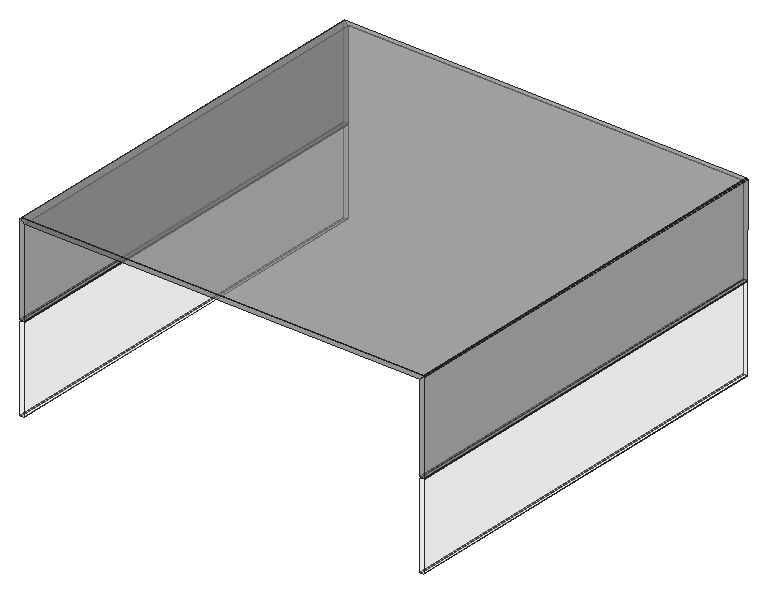
Revit family "Haworth_Cappellini_Smoke_ServiceTable_AP_PRELIMINARY", category Furniture, Revit 2018
Family settings
  OmniClass Number = 23.40.70.14.64.21
  OmniClass Title = Systems Furniture
  Work Plane-Based = No
  Always vertical = Yes
  Cut with Voids When Loaded = No
  Shared = No
  Room Calculation Point = No
Parameters (values of type "1000w x 1000d - Square")
  Warranty = "http://www.haworth.com/resources/product-info/warranties"
  URL - Product = "https://www.haworth.com/ap/en/products/coffee-tables/smoke.html"
  Table Finish [instance] = Haworth _ Glass _ Smoked
  Square = not(Rectangle)  # yes
  Size = "Verify Final Dim. w/Haworth"  # constant formula
  Side Bottom Height = 210 mm  # constant formula
  Rectangle = no
  Model = "SM_X"  # constant formula
  URL = "https://www.haworth.com/ap/en.html"
  Revision Number = "1"  # constant formula
  Manufacturer = "Haworth"  # constant formula
  Description = "Haworth - Cappellini - Service Table - Smoke"  # constant formula
  Chamfer = 1.588 mm  # constant formula
  Base Finish = Haworth _ Glass _ Clear
  Author = "Haworth (Hampton, Abd Rahman)"  # constant formula
  Assembly Code = "E2020200"
  Actual Width = 1000 mm  # constant formula
  Actual Height = 440 mm  # constant formula
  Table Top Thickness = 11 mm  # constant formula
  Actual Depth = if(Rectangle, 600 mm, 1000 mm)  # 1000 mm
Types (3, lengths in mm): name | Square | Rectangle | Actual Depth
  (no name) | yes | no | 1000
  1000w x 1000d - Square | yes | no | 1000
  1000w x 600d - Rectangle | no | yes | 600
Reference planes
  plane 1 "Center F/B": y = -4.03
  plane 2 "Floor": z = 0
  plane 3 "Center L/R": x = 0
  plane 4 "Table Edge Left": x = -500
  plane 5 "Table Edge Right": x = 500
  plane 6: y = -504.03
  plane 7: y = 495.97
  plane 8 "Table Top Top": z = 440
  plane 9 "Left Support Location": x = -489
  plane 10 "Right Support Location": x = 489
  plane 11 "Table Top Bottom": z = 429
  plane 12 "Glide Top": z = 1.588
  plane 13 "Chamfer Top": z = 438.413
  plane 14 "Chamfer Bottom": z = 430.588
  plane 15 "Side Seam Middle": z = 211.588
  plane 16 "Side Chamfer Top": z = 213.175
  plane 17 "Side Chamfer Bottom": z = 210
  plane 18 "Chamfer 1": x = -498.413
  plane 19 "Chamfer 2": x = -490.587
  plane 20 "Chamfer 3": x = 490.587
  plane 21 "Chamfer 4": x = 498.412
  plane 22 "Chamfer 5": z = 436.825
  plane 23 "Chamfer 6": x = -496.825
  plane 24 "Chamfer 7": x = 496.825
Forms (mm)
  Extrusion 1, solid, material "Haworth _ Glass _ Smoked" <- "Table Finish"
    sketch origin (0, -285.017, 0) x (-1, 0, 0) y (0, 0, 1)
      loop
        line (496.825, 440) -> (-496.825, 440) -> (-498.412, 438.413) -> (-489, 429) -> (489, 429) -> (498.413, 438.413) -> (496.825, 440)
    from -219.012 to 780.988
  Extrusion 2, solid, material "Haworth _ Glass _ Smoked" <- "Table Finish"
    sketch origin (0, -285.017, 0) x (-1, 0, 0) y (0, 0, 1)
      loop
        line (498.413, 211.588) -> (500, 213.175) -> (500, 436.825) -> (498.413, 438.413) -> (489, 429) -> (489, 213.175) -> (490.588, 211.588) -> (498.413, 211.588)
    from -219.012 to 780.988
  Extrusion 3, solid, material "Haworth _ Glass _ Smoked" <- "Table Finish"
    sketch origin (0, -285.017, 0) x (1, 0, 0) y (0, 0, -1)
      loop
        line (498.412, -211.588) -> (490.587, -211.588) -> (489, -213.175) -> (489, -429) -> (498.412, -438.413) -> (500, -436.825) -> (500, -213.175) -> (498.412, -211.588)
    from -219.012 to 780.988
  Extrusion 4, solid, material "Haworth _ Glass _ Clear" <- "Base Finish"
    sketch origin (0, -285.017, 0) x (-1, 0, 0) y (0, 0, 1)
      loop
        line (489, 210) -> (489, 1.588) -> (490.588, 0) -> (498.413, 0) -> (500, 1.588) -> (500, 210) -> (498.413, 211.588) -> (490.588, 211.588) -> (489, 210)
    from -219.012 to 780.988
  Extrusion 5, solid, material "Haworth _ Glass _ Clear" <- "Base Finish"
    sketch origin (0, -285.017, 0) x (1, 0, 0) y (0, 0, -1)
      loop
        line (489, -210) -> (490.587, -211.588) -> (498.412, -211.588) -> (500, -210) -> (500, -1.588) -> (498.412, 0) -> (490.587, 0) -> (489, -1.588) -> (489, -210)
    from -219.012 to 780.988
Lines and regions (mm)
  Masking region 1
    outline origin (0, 0, 685.8) x (0, -1, 0) y (1, 0, 0)
      loop
        line (-495.97, -500) -> (504.03, -500) -> (504.03, 500) -> (-495.97, 500) -> (-495.97, -500)
  symbolic lines, detail levels fine
    curve 1: line (-489, 495.97, 729.059) -> (-489, -504.03, 729.059)
    curve 2: line (489, -504.03, 729.059) -> (489, 495.97, 729.059)
Dimensions and locks
  "Actual Depth": plane 7 to plane 6
  "Actual Width": plane 4 "Table Edge Left" to plane 5 "Table Edge Right"
  equal spacing: plane 4 "Table Edge Left", plane 3 "Center L/R", plane 5 "Table Edge Right"
  equal spacing: plane 7, plane 1 "Center F/B", plane 6
  "Actual Height": plane 8 "Table Top Top" to level
  "Table Top Thickness": plane 4 "Table Edge Left" to plane 9 "Left Support Location"
  "Table Top Thickness": plane 10 "Right Support Location" to plane 5 "Table Edge Right"
  "Table Top Thickness": plane 8 "Table Top Top" to plane 11 "Table Top Bottom"
  "Chamfer": plane 12 "Glide Top" to plane 2 "Floor"
  "Chamfer": plane 14 "Chamfer Bottom" to plane 11 "Table Top Bottom"
  "Chamfer": plane 8 "Table Top Top" to plane 13 "Chamfer Top"
  "Side Bottom Height": plane 15 "Side Seam Middle" to plane 12 "Glide Top"
  "Chamfer": plane 15 "Side Seam Middle" to plane 17 "Side Chamfer Bottom"
  "Chamfer": plane 16 "Side Chamfer Top" to plane 15 "Side Seam Middle"
  "Chamfer": plane 18 "Chamfer 1" to plane 4 "Table Edge Left"
  "Chamfer": plane 9 "Left Support Location" to plane 19 "Chamfer 2"
  "Chamfer": plane 20 "Chamfer 3" to plane 10 "Right Support Location"
  "Chamfer": plane 5 "Table Edge Right" to plane 21 "Chamfer 4"
  "Chamfer": plane 23 "Chamfer 6" to plane 18 "Chamfer 1"
  "Chamfer": plane 13 "Chamfer Top" to plane 22 "Chamfer 5"
  "Chamfer": plane 21 "Chamfer 4" to plane 24 "Chamfer 7"
  aligned and locked: plane 4 "Table Edge Left" to Masking region 1 sketch curve
  aligned and locked: Masking region 1 sketch curve to plane 7
  aligned and locked: plane 7 to curve 1
  aligned and locked: plane 6 to curve 1
  aligned and locked: plane 6 to curve 2
  aligned and locked: plane 7 to curve 2
  aligned and locked: Extrusion 1 sketch curve to plane 11 "Table Top Bottom"
  aligned and locked: plane 10 "Right Support Location" to Extrusion 1 sketch curve
  aligned and locked: plane 9 "Left Support Location" to Extrusion 1 sketch curve
  aligned and locked: plane 8 "Table Top Top" to Extrusion 1 sketch curve
  aligned and locked: plane 18 "Chamfer 1" to Extrusion 1 sketch curve
  aligned and locked: plane 13 "Chamfer Top" to Extrusion 1 sketch curve  (x2)
  aligned and locked: plane 11 "Table Top Bottom" to Extrusion 1 sketch curve
  aligned and locked: plane 21 "Chamfer 4" to Extrusion 1 sketch curve
  aligned and locked: plane 24 "Chamfer 7" to Extrusion 1 sketch curve
  aligned and locked: plane 23 "Chamfer 6" to Extrusion 1 sketch curve
  aligned and locked: Extrusion 1 sketch curve to plane 8 "Table Top Top"
  aligned and locked: Extrusion 1 to plane 6
  aligned and locked: plane 7 to Extrusion 1
  aligned and locked: plane 18 "Chamfer 1" to Extrusion 2 sketch curve  (x2)
  aligned and locked: plane 15 "Side Seam Middle" to Extrusion 2 sketch curve  (x2)
  aligned and locked: plane 19 "Chamfer 2" to Extrusion 2 sketch curve
  aligned and locked: plane 9 "Left Support Location" to Extrusion 2 sketch curve  (x2)
  aligned and locked: Extrusion 2 sketch curve to plane 4 "Table Edge Left"
  aligned and locked: plane 4 "Table Edge Left" to Extrusion 2 sketch curve
  aligned and locked: plane 16 "Side Chamfer Top" to Extrusion 2 sketch curve  (x2)
  aligned and locked: plane 11 "Table Top Bottom" to Extrusion 2 sketch curve
  aligned and locked: plane 13 "Chamfer Top" to Extrusion 2 sketch curve
  aligned and locked: plane 22 "Chamfer 5" to Extrusion 2 sketch curve
  aligned and locked: Extrusion 2 to plane 6
  aligned and locked: plane 7 to Extrusion 2
  aligned and locked: Extrusion 3 sketch curve to plane 5 "Table Edge Right"
  aligned and locked: plane 22 "Chamfer 5" to Extrusion 3 sketch curve
  aligned and locked: plane 21 "Chamfer 4" to Extrusion 3 sketch curve  (x2)
  aligned and locked: plane 13 "Chamfer Top" to Extrusion 3 sketch curve
  aligned and locked: plane 11 "Table Top Bottom" to Extrusion 3 sketch curve
  aligned and locked: plane 10 "Right Support Location" to Extrusion 3 sketch curve  (x2)
  aligned and locked: plane 16 "Side Chamfer Top" to Extrusion 3 sketch curve  (x2)
  aligned and locked: plane 20 "Chamfer 3" to Extrusion 3 sketch curve
  aligned and locked: plane 15 "Side Seam Middle" to Extrusion 3 sketch curve  (x2)
  aligned and locked: plane 5 "Table Edge Right" to Extrusion 3 sketch curve
  aligned and locked: Extrusion 3 to plane 6
  aligned and locked: plane 7 to Extrusion 3
  aligned and locked: plane 15 "Side Seam Middle" to Extrusion 4 sketch curve  (x2)
  aligned and locked: plane 18 "Chamfer 1" to Extrusion 4 sketch curve  (x2)
  aligned and locked: plane 19 "Chamfer 2" to Extrusion 4 sketch curve  (x2)
  aligned and locked: plane 9 "Left Support Location" to Extrusion 4 sketch curve  (x2)
  aligned and locked: plane 17 "Side Chamfer Bottom" to Extrusion 4 sketch curve  (x2)
  aligned and locked: level to Extrusion 4 sketch curve
  aligned and locked: plane 2 "Floor" to Extrusion 4 sketch curve
  aligned and locked: plane 12 "Glide Top" to Extrusion 4 sketch curve  (x2)
  aligned and locked: plane 4 "Table Edge Left" to Extrusion 4 sketch curve
  aligned and locked: Extrusion 4 sketch curve to plane 4 "Table Edge Left"
  aligned and locked: Extrusion 4 to plane 6
  aligned and locked: plane 7 to Extrusion 4
  aligned and locked: plane 21 "Chamfer 4" to Extrusion 5 sketch curve  (x2)
  aligned and locked: plane 15 "Side Seam Middle" to Extrusion 5 sketch curve  (x2)
  aligned and locked: plane 20 "Chamfer 3" to Extrusion 5 sketch curve  (x2)
  aligned and locked: plane 10 "Right Support Location" to Extrusion 5 sketch curve  (x2)
  aligned and locked: Extrusion 5 sketch curve to plane 5 "Table Edge Right"
  aligned and locked: plane 17 "Side Chamfer Bottom" to Extrusion 5 sketch curve  (x2)
  aligned and locked: plane 12 "Glide Top" to Extrusion 5 sketch curve  (x2)
  aligned and locked: level to Extrusion 5 sketch curve  (x2)
  aligned and locked: Extrusion 5 to plane 6
  aligned and locked: plane 7 to Extrusion 5
Automatic sketch dimensions
  Masking region 1 sketch curve to plane 6 = 0 mm
  Masking region 1 sketch curve to plane 5 "Table Edge Right" = 0 mm
  curve 2 to plane 10 "Right Support Location" = 0 mm
  curve 1 to plane 9 "Left Support Location" = 0 mm
